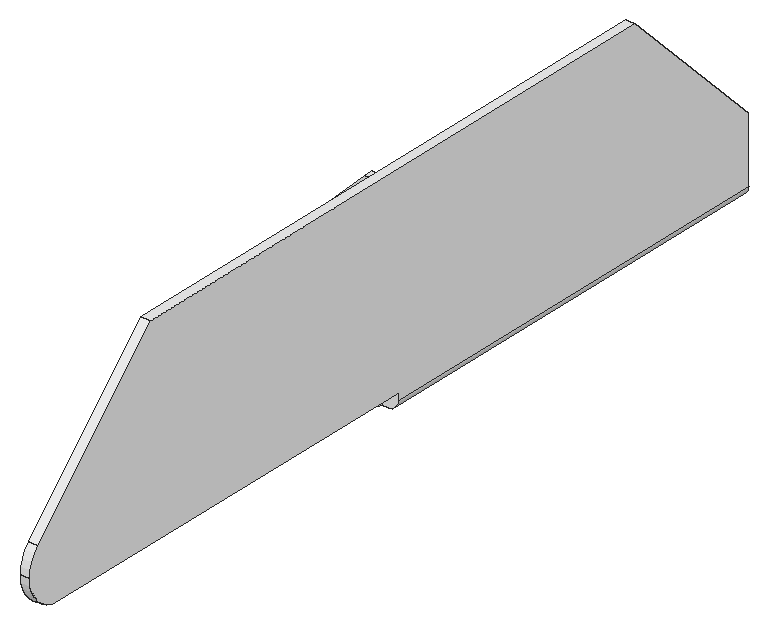
Revit family "JOMA_Universalbeslag 190 Höger", category Structural Connections, host Face, Revit 2012
Parameters (values of type "8880190H")
  t = 2.000 mm
  h = 190.000 mm
  d2 = 46.060 mm
  h2 = 94.500 mm
  d = 43.620 mm
  b = 41.060 mm
  Vikt = "0,18"
  Spikmönster [instance] = no
  Material = Varmförzinkad stålplåt
  Länk Joma Dimensioneringsverktyg = "http://www.joma.se/dimensioneringsverktyg"
  Default Elevation = 0.000 mm
Reference planes
  plane 1 "Center (Front/Back)": y = 0
  plane 2: z = 0
  plane 3 "Center (Left/Right)": x = 0
  plane 4: z = 43.62
  plane 5: y = 94.5
  plane 6: y = -95.5
  plane 7: y = 2
  plane 8: z = 2
  plane 9: z = 3.56
  plane 10: z = 46.06
  plane 11: z = 11.06
  plane 12: y = -88
  plane 13: y = -63.61
  plane 14: x = -41.06
  plane 15: x = 2
  plane 16: x = -1.56
Forms (mm)
  Extrusion 1, void
    sketch origin (0, 0, 0) x (1, 0, 0) y (0, 0, 1)
      loop
        line (1.56, 43.62) -> (0, 43.62) -> (0, 0) -> (1.56, 0) -> (1.56, 43.62)
    from -2 to 0
  Extrusion 2, solid, material "Varmförzinkad stålplåt" <- "Material"
    sketch origin (0, 0, 0) x (0, -1, 0) y (0, 0, 1)
      loop
        line (0, 43.62) -> (-2, 43.62) -> (-2, 2) -> (-94.5, 2) -> (-94.5, 0) -> (-2, 0)
        arc (-2, 0) -> (-0.586, 0.586) -> (0, 2) r 2
        line (0, 2) -> (0, 43.62)
    from -1.56 to 41.06
  Extrusion 3, void
    sketch origin (0, 0, 0) x (-1, 0, 0) y (0, 0, -1)
      loop
        line (41.06, -43.62) -> (41.06, -6.12) -> (3.56, -43.62) -> (41.06, -43.62)
    from -2 to 0
  Extrusion 4, solid, material "Varmförzinkad stålplåt" <- "Material"
    sketch origin (0, 0, 0) x (-1, 0, 0) y (0, 0, -1)
      loop
        line (-2, -46.06) -> (0, -46.06) -> (0, 0) -> (-2, 0) -> (-2, -46.06)
    from -94.5 to 95.5
  Extrusion 5, void
    sketch origin (0, 0, 0) x (0, 1, 0) y (0, 0, -1)
      loop
        line (-63.607, -46.06) -> (-93.303, -16.363)
        arc (-93.303, -16.363) -> (-94.929, -13.93) -> (-95.5, -11.06) r 7.5
        line (-95.5, -11.06) -> (-95.5, -46.06) -> (-63.607, -46.06)
    from -2 to 0
  Extrusion 6, void
    sketch origin (0, 0, 0) x (0, 1, 0) y (0, 0, -1)
      loop
        line (94.5, -16.06) -> (64.5, -46.06) -> (94.5, -46.06) -> (94.5, -16.06)
    from -2 to 0
  Extrusion 7, void
    sketch origin (0, 0, 0) x (0, 1, 0) y (0, 0, -1)
      loop
        line (-88, -3.56) -> (-95.5, -3.56) -> (-95.5, -11.06)
        arc (-95.5, -11.06) -> (-93.303, -5.757) -> (-88, -3.56) r 7.5
    from -2 to 0
  Extrusion 8, void
    sketch origin (0, 0, 0) x (-1, 0, 0) y (0, 0, -1)
      loop
        line (-2, -3.56) -> (0, -3.56) -> (0, 0) -> (-2, 0) -> (-2, -3.56)
    from -2 to 95.5
  Extrusion 9, void
    sketch origin (0, 0, 0) x (-1, 0, 0) y (0, 0, -1)
      loop
        line (0, 0) -> (-2, 0) -> (-2, -2)
        arc (-2, -2) -> (-1.414, -0.586) -> (0, 0) r 2
    from -94.5 to -2
  Extrusion 10, void
    sketch origin (0, 0, 0) x (1, 0, 0) y (0, 0, 1)
      loop
        line (0, 43.62) -> (-1.56, 43.62) -> (-1.56, 0) -> (0, 0) -> (0, 43.62)
    from -2 to 0
Cuts and joins
  Extrusion 1, Extrusion 3, Extrusion 8, Extrusion 9, Extrusion 10 cuts Extrusion 2
  Extrusion 5, Extrusion 6, Extrusion 7, Extrusion 8, Extrusion 9, Extrusion 10 cuts Extrusion 4
  joined: Extrusion 2, Extrusion 4
Lines and regions (mm)
  symbolic lines
    curve 1: circle (-36.06, 87, 0) r 2.5 normal (0, 0, 1)
    curve 2: circle (-11.06, 77, 0) r 2.5 normal (0, 0, 1)
    curve 3: circle (-36.06, 67, 0) r 2.5 normal (0, 0, 1)
    curve 4: circle (-11.06, 57, 0) r 2.5 normal (0, 0, 1)
    curve 5: circle (-36.06, 47, 0) r 2.5 normal (0, 0, 1)
    curve 6: circle (-11.06, 37, 0) r 2.5 normal (0, 0, 1)
    curve 7: circle (-36.06, 27, 0) r 2.5 normal (0, 0, 1)
    curve 8: circle (-11.06, 17, 0) r 2.5 normal (0, 0, 1)
    curve 9: circle (-21.06, 72, 0) r 3.5 normal (0, 0, 1)
    curve 19: circle (-13, 0, 25) r 2.5 normal (0, -1, 0)
    curve 21: circle (0, -88, 11.06) r 2.5 normal (1, 0, 0)
    curve 22: circle (0, -70.5, 11.06) r 2.5 normal (1, 0, 0)
    curve 23: circle (0, -50.5, 11.06) r 2.5 normal (1, 0, 0)
    curve 24: circle (0, -30.5, 11.06) r 2.5 normal (1, 0, 0)
    curve 25: circle (0, -60.5, 36.06) r 2.5 normal (1, 0, 0)
    curve 26: circle (0, -40.5, 41.06) r 2.5 normal (1, 0, 0)
    curve 27: circle (0, -20.5, 41.06) r 2.5 normal (1, 0, 0)
  symbolic lines, not visible
    curve 10: circle (-36.06, 87, 0) r 2.5 normal (0, 0, 1)
    curve 11: circle (-11.06, 77, 0) r 2.5 normal (0, 0, 1)
    curve 12: circle (-36.06, 67, 0) r 2.5 normal (0, 0, 1)
    curve 13: circle (-11.06, 57, 0) r 2.5 normal (0, 0, 1)
    curve 14: circle (-36.06, 47, 0) r 2.5 normal (0, 0, 1)
    curve 15: circle (-11.06, 37, 0) r 2.5 normal (0, 0, 1)
    curve 16: circle (-36.06, 27, 0) r 2.5 normal (0, 0, 1)
    curve 17: circle (-11.06, 17, 0) r 2.5 normal (0, 0, 1)
    curve 18: circle (-21.06, 72, 0) r 3.5 normal (0, 0, 1)
    curve 20: circle (-13, 0, 25) r 2.5 normal (0, -1, 0)
    curve 28: circle (0, -88, 11.06) r 2.5 normal (1, 0, 0)
    curve 29: circle (0, -70.5, 11.06) r 2.5 normal (1, 0, 0)
    curve 30: circle (0, -50.5, 11.06) r 2.5 normal (1, 0, 0)
    curve 31: circle (0, -30.5, 11.06) r 2.5 normal (1, 0, 0)
    curve 32: circle (0, -60.5, 36.06) r 2.5 normal (1, 0, 0)
    curve 33: circle (0, -40.5, 41.06) r 2.5 normal (1, 0, 0)
    curve 34: circle (0, -20.5, 41.06) r 2.5 normal (1, 0, 0)
Text (mm)
  text "A" at (0, -263.493, 401.9), in view "Left"
  text "B" at (80.57, 219.552, 0), in view "Ref. Level"
  text "C" at (32.023, 0, 150.003), in view "Front"
Dimensions and locks
  "h2": plane 1 "Center (Front/Back)" to plane 5
  "h": plane 5 to plane 6
  "t": plane 1 "Center (Front/Back)" to plane 7
  "t": plane 8 to host face
  plane 9 to plane 8 = 1.560 mm  (x2)
  "d2": plane 10 to host face
  "d": plane 4 to host face
  plane 10 to plane 11 = 35.000 mm
  plane 13 to plane 6 = 31.890 mm
  "b": plane 14 to plane 3 "Center (Left/Right)"
  "t": plane 15 to plane 3 "Center (Left/Right)"
  plane 3 "Center (Left/Right)" to plane 16 = 1.560 mm
  Extrusion 10 to level = 43.620 mm
  aligned and locked: plane 2 to host face
  aligned and locked: level to host face
  aligned and locked: plane 4 to Extrusion 1 sketch curve
  aligned and locked: Extrusion 1 to plane 3 "Center (Left/Right)"
  aligned and locked: Extrusion 1 to level
  aligned and locked: plane 1 "Center (Front/Back)" to Extrusion 1
  aligned and locked: Extrusion 2 to plane 5
  aligned and locked: plane 1 "Center (Front/Back)" to Extrusion 2
  aligned and locked: plane 14 to Extrusion 2
  aligned and locked: plane 1 "Center (Front/Back)" to Extrusion 3
  aligned and locked: plane 14 to Extrusion 3
  aligned and locked: Extrusion 6 to plane 5
  aligned and locked: Extrusion 6 to Extrusion 2
  aligned and locked: Extrusion 4 to Extrusion 6
  aligned and locked: Extrusion 6 to plane 3 "Center (Left/Right)"
  aligned and locked: plane 7 to Extrusion 8
  aligned and locked: Extrusion 8 to Extrusion 1
  aligned and locked: Extrusion 8 to Extrusion 4
  aligned and locked: Extrusion 8 to plane 6
  aligned and locked: Extrusion 8 to plane 3 "Center (Left/Right)"
  aligned and locked: Extrusion 5 to Extrusion 4
  aligned and locked: Extrusion 5 to plane 6
  aligned and locked: Extrusion 5 to plane 3 "Center (Left/Right)"
  aligned and locked: Extrusion 7 to Extrusion 4
  aligned and locked: Extrusion 7 to plane 6
  aligned and locked: Extrusion 7 to plane 3 "Center (Left/Right)"
  aligned and locked: plane 4 to Extrusion 3
  aligned and locked: Extrusion 9 to level
  aligned and locked: Extrusion 4 to Extrusion 9
  aligned and locked: Extrusion 3 to Extrusion 1
  aligned and locked: Extrusion 1 to Extrusion 3
  aligned and locked: plane 7 to Extrusion 3
  aligned and locked: plane 7 to Extrusion 10
  aligned and locked: Extrusion 10 to level
  aligned and locked: plane 1 "Center (Front/Back)" to Extrusion 10
  aligned and locked: plane 4 to Extrusion 10
  aligned and locked: Extrusion 4 to plane 5
  aligned and locked: Extrusion 4 to plane 15
  aligned and locked: Extrusion 4 to plane 6
  aligned and locked: Extrusion 4 to plane 3 "Center (Left/Right)"
  aligned and locked: plane 7 to Extrusion 2
  aligned and locked: Extrusion 2 to Extrusion 1
Automatic sketch dimensions
  host sketch curve to host sketch curve = 2438.400 mm  (x2)
  Extrusion 1 sketch curve to plane 3 "Center (Left/Right)" = 0.000 mm
  Extrusion 1 sketch curve to level = 0.000 mm
  plane 15 to Extrusion 1 sketch curve = 0.440 mm
  Extrusion 2 sketch curve to plane 5 = 0.000 mm
  Extrusion 2 sketch curve to level = 0.000 mm
  Extrusion 2 sketch curve to plane 7 = 0.000 mm
  Extrusion 2 sketch curve to plane 1 "Center (Front/Back)" = 0.000 mm
  Extrusion 2 sketch curve to plane 8 = 0.000 mm
  Extrusion 2 sketch curve to plane 4 = 0.000 mm
  plane 7 to Extrusion 2 sketch curve = 0.000 mm
  Extrusion 3 sketch curve to plane 4 = 0.000 mm
  plane 14 to Extrusion 3 sketch curve = 0.000 mm
  plane 16 to Extrusion 3 sketch curve = 2.000 mm
  Extrusion 3 sketch curve to plane 9 = 2.560 mm
  Extrusion 4 sketch curve to plane 10 = 0.000 mm
  plane 15 to Extrusion 4 sketch curve = 0.000 mm
  Extrusion 4 sketch curve to level = 0.000 mm
  Extrusion 4 sketch curve to plane 3 "Center (Left/Right)" = 0.000 mm
  Extrusion 5 sketch curve to plane 6 = 0.000 mm
  Extrusion 5 sketch curve to plane 11 = 0.000 mm  (x2)
  Extrusion 5 sketch curve to plane 12 = 0.000 mm
  Extrusion 5 sketch curve to plane 10 = 0.000 mm
  plane 6 to Extrusion 5 sketch curve = 2.197 mm
  Extrusion 5 sketch curve to plane 13 = 0.003 mm
  Extrusion 7 sketch curve to plane 6 = 0.000 mm
  Extrusion 7 sketch curve to plane 9 = 0.000 mm
  Extrusion 7 sketch curve to plane 12 = 0.000 mm
  Extrusion 8 sketch curve to level = 0.000 mm
  plane 15 to Extrusion 8 sketch curve = 0.000 mm
  Extrusion 8 sketch curve to plane 3 "Center (Left/Right)" = 0.000 mm
  Extrusion 8 sketch curve to plane 9 = 0.000 mm
  Extrusion 9 sketch curve to level = 0.000 mm
  plane 15 to Extrusion 9 sketch curve = 0.000 mm
  Extrusion 9 sketch curve to plane 3 "Center (Left/Right)" = 0.000 mm
  Extrusion 10 sketch curve to plane 4 = 0.000 mm
  Extrusion 10 sketch curve to plane 16 = 0.000 mm
  Extrusion 10 sketch curve to level = 0.000 mm
  Extrusion 10 sketch curve to plane 3 "Center (Left/Right)" = 0.000 mm
  Extrusion 6 sketch curve to plane 10 = 0.000 mm
  Extrusion 6 sketch curve to plane 5 = 0.000 mm
  Extrusion 6 sketch curve to Extrusion 6 sketch curve = 30.000 mm
  plane 11 to Extrusion 6 sketch curve = 5.000 mm
Nested families
  nested 1: "Spikmönster" at (0, -30.5, 11.06) x (0, -1, 0) z (1, 0, 0), visible <- "Spikmönster", type "Ø5"
  nested 2: "Spikmönster" at (0, -50.5, 11.06) x (0, -1, 0) z (1, 0, 0), visible <- "Spikmönster", type "Ø5"
  nested 3: "Spikmönster" at (0, -70.5, 11.06) x (0, -1, 0) z (1, 0, 0), visible <- "Spikmönster", type "Ø5"
  nested 4: "Spikmönster" at (0, -88, 11.06) x (0, -1, 0) z (1, 0, 0), visible <- "Spikmönster", type "Ø5"
  nested 5: "Spikmönster" at (0, -60.5, 36.06) x (0, -1, 0) z (1, 0, 0), visible <- "Spikmönster", type "Ø5"
  nested 6: "Spikmönster" at (0, -40.5, 41.06) x (0, -1, 0) z (1, 0, 0), visible <- "Spikmönster", type "Ø5"
  nested 7: "Spikmönster" at (0, -20.5, 41.06) x (0, -1, 0) z (1, 0, 0), visible <- "Spikmönster", type "Ø5"
  nested 8: "Spikmönster" at (0, -30.5, 11.06) x (0, -1, 0) z (1, 0, 0), visible <- "Spikmönster", type "Ø5", not visible
  nested 9: "Spikmönster" at (0, -50.5, 11.06) x (0, -1, 0) z (1, 0, 0), visible <- "Spikmönster", type "Ø5", not visible
  nested 10: "Spikmönster" at (0, -70.5, 11.06) x (0, -1, 0) z (1, 0, 0), visible <- "Spikmönster", type "Ø5", not visible
  nested 11: "Spikmönster" at (0, -88, 11.06) x (0, -1, 0) z (1, 0, 0), visible <- "Spikmönster", type "Ø5", not visible
  nested 12: "Spikmönster" at (0, -60.5, 36.06) x (0, -1, 0) z (1, 0, 0), visible <- "Spikmönster", type "Ø5", not visible
  nested 13: "Spikmönster" at (0, -40.5, 41.06) x (0, -1, 0) z (1, 0, 0), visible <- "Spikmönster", type "Ø5", not visible
  nested 14: "Spikmönster" at (0, -20.5, 41.06) x (0, -1, 0) z (1, 0, 0), visible <- "Spikmönster", type "Ø5", not visible
  nested 15: "Spikmönster" at (-36.06, 87, 0), visible <- "Spikmönster", type "Ø5"
  nested 16: "Spikmönster" at (-36.06, 67, 0), visible <- "Spikmönster", type "Ø5"
  nested 17: "Spikmönster" at (-36.06, 47, 0), visible <- "Spikmönster", type "Ø5"
  nested 18: "Spikmönster" at (-36.06, 27, 0), visible <- "Spikmönster", type "Ø5"
  nested 19: "Spikmönster" at (-11.06, 37, 0), visible <- "Spikmönster", type "Ø5"
  nested 20: "Spikmönster" at (-11.06, 57, 0), visible <- "Spikmönster", type "Ø5"
  nested 21: "Spikmönster" at (-11.06, 77, 0), visible <- "Spikmönster", type "Ø5"
  nested 22: "Spikmönster" at (-36.06, 87, 0), visible <- "Spikmönster", type "Ø5", not visible
  nested 23: "Spikmönster" at (-36.06, 67, 0), visible <- "Spikmönster", type "Ø5", not visible
  nested 24: "Spikmönster" at (-36.06, 47, 0), visible <- "Spikmönster", type "Ø5", not visible
  nested 25: "Spikmönster" at (-36.06, 27, 0), visible <- "Spikmönster", type "Ø5", not visible
  nested 26: "Spikmönster" at (-11.06, 37, 0), visible <- "Spikmönster", type "Ø5", not visible
  nested 27: "Spikmönster" at (-11.06, 57, 0), visible <- "Spikmönster", type "Ø5", not visible
  nested 28: "Spikmönster" at (-11.06, 77, 0), visible <- "Spikmönster", type "Ø5", not visible
Definition of nested family "Spikmönster"
  Parameters (values of type "Ø11")
    Radie = 5.500 mm
  Types (3, lengths in mm): name | Radie
    (no name) | 5.500
    Ø5 | 2.500
    Ø11 | 5.500
  Reference planes
    plane 1 "Center (Front/Back)": y = 0
    plane 2: z = 0
    plane 3 "Center (Left/Right)": x = 0
  Lines and regions (mm)
    Filled region 1, type "Solid Fill - Black", in view "Ref. Level"
      outline origin (0, 0, 0) x (1, 0, 0) y (0, 1, 0)
        loop
          circle (0, 0) r 5.5
  Dimensions and locks
    "Radie": radius of Filled region 1 sketch curve
  Automatic sketch dimensions
    plane 1 "Center (Front/Back)" to Filled region 1 sketch curve = 0.000 mm
    Filled region 1 sketch curve to plane 3 "Center (Left/Right)" = 0.000 mm
